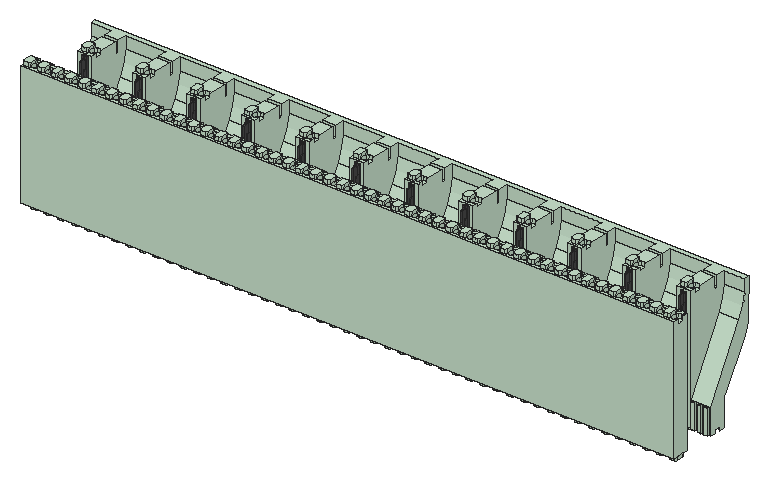
Revit family
Reference planes
  plane 1 "Center (Front/Back)": y = 0
  plane 2: z = 0
  plane 3 "Center (Left/Right)": x = 0
Forms (mm)
  Extrusion 1, solid, material "NUDURA Expanded Polystyrene Foam Insulation"
    sketch origin (0, 0.24, 0) x (1, 0, 0) y (0, 1, 0)
      loop
        line (7.142, -57.15) -> (0, -57.15) -> (0, -117.475) -> (2438.4, -117.475) -> (2438.4, -57.15) -> (2431.258, -57.15) -> (2432.842, -50.8) -> (2418.558, -50.8) -> (2420.142, -57.15) -> (2405.858, -57.15) -> (2407.442, -50.8) -> (2393.158, -50.8) -> (2394.742, -57.15) -> (2380.458, -57.15) -> (2382.042, -50.8) -> (2367.758, -50.8) -> (2369.342, -57.15) -> (2304.258, -57.15) -> (2305.842, -50.8) -> (2291.558, -50.8) -> (2293.142, -57.15) -> (2278.858, -57.15) -> (2280.442, -50.8) -> (2266.158, -50.8) -> (2267.742, -57.15) -> (2253.458, -57.15) -> (2255.042, -50.8) -> (2240.758, -50.8) -> (2242.342, -57.15) -> (2228.058, -57.15) -> (2229.642, -50.8) -> (2215.358, -50.8) -> (2216.942, -57.15) -> (2202.658, -57.15) -> (2204.242, -50.8) -> (2189.958, -50.8) -> (2191.542, -57.15) -> (2177.258, -57.15) -> (2178.842, -50.8) -> (2164.558, -50.8) -> (2166.142, -57.15) -> (2101.058, -57.15) -> (2102.642, -50.8) -> (2088.358, -50.8) -> (2089.942, -57.15) -> (2075.658, -57.15) -> (2077.242, -50.8) -> (2062.958, -50.8) -> (2064.542, -57.15) -> (2050.258, -57.15) -> (2051.842, -50.8) -> (2037.558, -50.8) -> (2039.142, -57.15) -> (2024.858, -57.15) -> (2026.442, -50.8) -> (2012.158, -50.8) -> (2013.742, -57.15) -> (1999.458, -57.15) -> (2001.042, -50.8) -> (1986.758, -50.8) -> (1988.342, -57.15) -> (1974.058, -57.15) -> (1975.642, -50.8) -> (1961.358, -50.8) -> (1962.942, -57.15) -> (1897.858, -57.15) -> (1899.442, -50.8) -> (1885.158, -50.8) -> (1886.742, -57.15) -> (1872.458, -57.15) -> (1874.042, -50.8) -> (1859.758, -50.8) -> (1861.342, -57.15) -> (1847.058, -57.15) -> (1848.642, -50.8) -> (1834.358, -50.8) -> (1835.942, -57.15) -> (1821.658, -57.15) -> (1823.242, -50.8) -> (1808.958, -50.8) -> (1810.542, -57.15) -> (1796.258, -57.15) -> (1797.842, -50.8) -> (1783.558, -50.8) -> (1785.142, -57.15) -> (1770.858, -57.15) -> (1772.442, -50.8) -> (1758.158, -50.8) -> (1759.742, -57.15) -> (1694.658, -57.15) -> (1696.242, -50.8) -> (1681.958, -50.8) -> (1683.542, -57.15) -> (1669.258, -57.15) -> (1670.842, -50.8) -> (1656.558, -50.8) -> (1658.142, -57.15) -> (1643.858, -57.15) -> (1645.442, -50.8) -> (1631.158, -50.8) -> (1632.742, -57.15) -> (1618.458, -57.15) -> (1620.042, -50.8) -> (1605.758, -50.8) -> (1607.342, -57.15) -> (1593.058, -57.15) -> (1594.642, -50.8) -> (1580.358, -50.8) -> (1581.942, -57.15) -> (1567.658, -57.15) -> (1569.242, -50.8) -> (1554.958, -50.8) -> (1556.542, -57.15) -> (1491.458, -57.15) -> (1493.042, -50.8) -> (1478.758, -50.8) -> (1480.342, -57.15) -> (1466.058, -57.15) -> (1467.642, -50.8) -> (1453.358, -50.8) -> (1454.942, -57.15) -> (1440.658, -57.15) -> (1442.242, -50.8) -> (1427.958, -50.8) -> (1429.542, -57.15) -> (1415.258, -57.15) -> (1416.842, -50.8) -> (1402.558, -50.8) -> (1404.142, -57.15) -> (1389.858, -57.15) -> (1391.442, -50.8) -> (1377.158, -50.8) -> (1378.742, -57.15) -> (1364.458, -57.15) -> (1366.042, -50.8) -> (1351.758, -50.8) -> (1353.342, -57.15) -> (1288.258, -57.15) -> (1289.842, -50.8) -> (1275.558, -50.8) -> (1277.142, -57.15) -> (1262.858, -57.15) -> (1264.442, -50.8) -> (1250.158, -50.8) -> (1251.742, -57.15) -> (1237.458, -57.15) -> (1239.042, -50.8) -> (1224.758, -50.8) -> (1226.342, -57.15) -> (1212.058, -57.15) -> (1213.642, -50.8) -> (1199.358, -50.8) -> (1200.942, -57.15) -> (1186.658, -57.15) -> (1188.242, -50.8) -> (1173.958, -50.8) -> (1175.542, -57.15) -> (1161.258, -57.15) -> (1162.842, -50.8) -> (1148.558, -50.8) -> (1150.142, -57.15) -> (1085.058, -57.15) -> (1086.642, -50.8) -> (1072.358, -50.8) -> (1073.942, -57.15) -> (1059.658, -57.15) -> (1061.242, -50.8) -> (1046.958, -50.8) -> (1048.542, -57.15) -> (1034.258, -57.15) -> (1035.842, -50.8) -> (1021.558, -50.8) -> (1023.142, -57.15) -> (1008.858, -57.15) -> (1010.442, -50.8) -> (996.158, -50.8) -> (997.742, -57.15) -> (983.458, -57.15) -> (985.042, -50.8) -> (970.758, -50.8) -> (972.342, -57.15) -> (958.058, -57.15) -> (959.642, -50.8) -> (945.358, -50.8) -> (946.942, -57.15) -> (881.858, -57.15) -> (883.442, -50.8) -> (869.158, -50.8) -> (870.742, -57.15) -> (856.458, -57.15) -> (858.042, -50.8) -> (843.758, -50.8) -> (845.342, -57.15) -> (831.058, -57.15) -> (832.642, -50.8) -> (818.358, -50.8) -> (819.942, -57.15) -> (805.658, -57.15) -> (807.242, -50.8) -> (792.958, -50.8) -> (794.542, -57.15) -> (780.258, -57.15) -> (781.842, -50.8) -> (767.558, -50.8) -> (769.142, -57.15) -> (754.858, -57.15) -> (756.442, -50.8) -> (742.158, -50.8) -> (743.742, -57.15) -> (678.658, -57.15) -> (680.242, -50.8) -> (665.958, -50.8) -> (667.542, -57.15) -> (653.258, -57.15) -> (654.842, -50.8) -> (640.558, -50.8) -> (642.142, -57.15) -> (627.858, -57.15) -> (629.442, -50.8) -> (615.158, -50.8) -> (616.742, -57.15) -> (602.458, -57.15) -> (604.042, -50.8) -> (589.758, -50.8) -> (591.342, -57.15) -> (577.058, -57.15) -> (578.642, -50.8) -> (564.358, -50.8) -> (565.942, -57.15) -> (551.658, -57.15) -> (553.242, -50.8) -> (538.958, -50.8) -> (540.542, -57.15) -> (475.458, -57.15) -> (477.042, -50.8) -> (462.758, -50.8) -> (464.342, -57.15) -> (450.058, -57.15) -> (451.642, -50.8) -> (437.358, -50.8) -> (438.942, -57.15) -> (424.658, -57.15) -> (426.242, -50.8) -> (411.958, -50.8) -> (413.542, -57.15) -> (399.258, -57.15) -> (400.842, -50.8) -> (386.558, -50.8) -> (388.142, -57.15) -> (373.858, -57.15) -> (375.442, -50.8) -> (361.158, -50.8) -> (362.742, -57.15) -> (348.458, -57.15) -> (350.042, -50.8) -> (335.758, -50.8) -> (337.342, -57.15) -> (272.258, -57.15) -> (273.842, -50.8) -> (259.558, -50.8) -> (261.142, -57.15) -> (246.858, -57.15) -> (248.442, -50.8) -> (234.158, -50.8) -> (235.742, -57.15) -> (221.458, -57.15) -> (223.042, -50.8) -> (208.758, -50.8) -> (210.342, -57.15) -> (196.058, -57.15) -> (197.642, -50.8) -> (183.358, -50.8) -> (184.942, -57.15) -> (170.658, -57.15) -> (172.242, -50.8) -> (157.958, -50.8) -> (159.542, -57.15) -> (145.258, -57.15) -> (146.842, -50.8) -> (132.558, -50.8) -> (134.142, -57.15) -> (69.058, -57.15) -> (70.642, -50.8) -> (56.358, -50.8) -> (57.942, -57.15) -> (43.658, -57.15) -> (45.242, -50.8) -> (30.958, -50.8) -> (32.542, -57.15) -> (18.258, -57.15) -> (19.842, -50.8) -> (5.558, -50.8) -> (7.142, -57.15)
    from 0 to 457.2
  Extrusion 2, void
    sketch origin (0, 25.64, 0) x (1, 0, 0) y (0, 1, 0)
      loop
        arc (25.4, -124.411) -> (26.615, -128.147) -> (29.796, -130.453) r 6.35
        arc (29.796, -130.453) -> (38.1, -131.763) -> (46.404, -130.453) r 26.987
        arc (46.404, -130.453) -> (49.585, -128.147) -> (50.8, -124.411) r 6.35
        line (50.8, -124.411) -> (50.8, -101.014)
        arc (50.8, -101.014) -> (50.362, -98.696) -> (49.108, -96.698) r 6.35
        arc (49.108, -96.698) -> (48.795, -96.199) -> (48.685, -95.62) r 1.588
        line (48.685, -95.62) -> (48.685, -86.829) -> (44.346, -86.829) -> (44.346, -92.457)
        arc (44.346, -92.457) -> (43.786, -93.668) -> (42.5, -94.024) r 1.587
        arc (42.5, -94.024) -> (36.091, -93.737) -> (29.796, -94.972) r 26.988
        arc (29.796, -94.972) -> (26.615, -97.278) -> (25.4, -101.014) r 6.35
        line (25.4, -101.014) -> (25.4, -124.411)
    from 457.2 to 444.5
  Extrusion 3, void
    sketch origin (50.8, 25.64, 0) x (1, 0, 0) y (0, 1, 0)
      loop
        arc (25.4, -124.411) -> (26.615, -128.147) -> (29.796, -130.453) r 6.35
        arc (29.796, -130.453) -> (38.1, -131.763) -> (46.404, -130.453) r 26.987
        arc (46.404, -130.453) -> (49.585, -128.147) -> (50.8, -124.411) r 6.35
        line (50.8, -124.411) -> (50.8, -101.014)
        arc (50.8, -101.014) -> (50.362, -98.696) -> (49.108, -96.698) r 6.35
        arc (49.108, -96.698) -> (48.795, -96.199) -> (48.685, -95.62) r 1.588
        line (48.685, -95.62) -> (48.685, -86.829) -> (44.346, -86.829) -> (44.346, -92.457)
        arc (44.346, -92.457) -> (43.786, -93.668) -> (42.5, -94.024) r 1.587
        arc (42.5, -94.024) -> (36.091, -93.737) -> (29.796, -94.972) r 26.988
        arc (29.796, -94.972) -> (26.615, -97.278) -> (25.4, -101.014) r 6.35
        line (25.4, -101.014) -> (25.4, -124.411)
    from 457.2 to 444.5
  Extrusion 4, void
    sketch origin (101.6, 25.64, 0) x (1, 0, 0) y (0, 1, 0)
      loop
        arc (25.4, -124.411) -> (26.615, -128.147) -> (29.796, -130.453) r 6.35
        arc (29.796, -130.453) -> (38.1, -131.763) -> (46.404, -130.453) r 26.987
        arc (46.404, -130.453) -> (49.585, -128.147) -> (50.8, -124.411) r 6.35
        line (50.8, -124.411) -> (50.8, -101.014)
        arc (50.8, -101.014) -> (50.362, -98.696) -> (49.108, -96.698) r 6.35
        arc (49.108, -96.698) -> (48.795, -96.199) -> (48.685, -95.62) r 1.588
        line (48.685, -95.62) -> (48.685, -86.829) -> (44.346, -86.829) -> (44.346, -92.457)
        arc (44.346, -92.457) -> (43.786, -93.668) -> (42.5, -94.024) r 1.587
        arc (42.5, -94.024) -> (36.091, -93.737) -> (29.796, -94.972) r 26.988
        arc (29.796, -94.972) -> (26.615, -97.278) -> (25.4, -101.014) r 6.35
        line (25.4, -101.014) -> (25.4, -124.411)
    from 457.2 to 444.5
  Extrusion 5, void
    sketch origin (152.4, 25.64, 0) x (1, 0, 0) y (0, 1, 0)
      loop
        arc (25.4, -124.411) -> (26.615, -128.147) -> (29.796, -130.453) r 6.35
        arc (29.796, -130.453) -> (38.1, -131.763) -> (46.404, -130.453) r 26.987
        arc (46.404, -130.453) -> (49.585, -128.147) -> (50.8, -124.411) r 6.35
        line (50.8, -124.411) -> (50.8, -101.014)
        arc (50.8, -101.014) -> (50.362, -98.696) -> (49.108, -96.698) r 6.35
        arc (49.108, -96.698) -> (48.795, -96.199) -> (48.685, -95.62) r 1.588
        line (48.685, -95.62) -> (48.685, -86.829) -> (44.346, -86.829) -> (44.346, -92.457)
        arc (44.346, -92.457) -> (43.786, -93.668) -> (42.5, -94.024) r 1.587
        arc (42.5, -94.024) -> (36.091, -93.737) -> (29.796, -94.972) r 26.988
        arc (29.796, -94.972) -> (26.615, -97.278) -> (25.4, -101.014) r 6.35
        line (25.4, -101.014) -> (25.4, -124.411)
    from 457.2 to 444.5
  Extrusion 6, void
    sketch origin (203.2, 25.64, 0) x (1, 0, 0) y (0, 1, 0)
      loop
        arc (25.4, -124.411) -> (26.615, -128.147) -> (29.796, -130.453) r 6.35
        arc (29.796, -130.453) -> (38.1, -131.763) -> (46.404, -130.453) r 26.987
        arc (46.404, -130.453) -> (49.585, -128.147) -> (50.8, -124.411) r 6.35
        line (50.8, -124.411) -> (50.8, -101.014)
        arc (50.8, -101.014) -> (50.362, -98.696) -> (49.108, -96.698) r 6.35
        arc (49.108, -96.698) -> (48.795, -96.199) -> (48.685, -95.62) r 1.588
        line (48.685, -95.62) -> (48.685, -86.829) -> (44.346, -86.829) -> (44.346, -92.457)
        arc (44.346, -92.457) -> (43.786, -93.668) -> (42.5, -94.024) r 1.587
        arc (42.5, -94.024) -> (36.091, -93.737) -> (29.796, -94.972) r 26.988
        arc (29.796, -94.972) -> (26.615, -97.278) -> (25.4, -101.014) r 6.35
        line (25.4, -101.014) -> (25.4, -124.411)
    from 457.2 to 444.5
  Extrusion 7, void
    sketch origin (254, 25.64, 0) x (1, 0, 0) y (0, 1, 0)
      loop
        arc (25.4, -124.411) -> (26.615, -128.147) -> (29.796, -130.453) r 6.35
        arc (29.796, -130.453) -> (38.1, -131.763) -> (46.404, -130.453) r 26.987
        arc (46.404, -130.453) -> (49.585, -128.147) -> (50.8, -124.411) r 6.35
        line (50.8, -124.411) -> (50.8, -101.014)
        arc (50.8, -101.014) -> (50.362, -98.696) -> (49.108, -96.698) r 6.35
        arc (49.108, -96.698) -> (48.795, -96.199) -> (48.685, -95.62) r 1.588
        line (48.685, -95.62) -> (48.685, -86.829) -> (44.346, -86.829) -> (44.346, -92.457)
        arc (44.346, -92.457) -> (43.786, -93.668) -> (42.5, -94.024) r 1.587
        arc (42.5, -94.024) -> (36.091, -93.737) -> (29.796, -94.972) r 26.988
        arc (29.796, -94.972) -> (26.615, -97.278) -> (25.4, -101.014) r 6.35
        line (25.4, -101.014) -> (25.4, -124.411)
    from 457.2 to 444.5
  Extrusion 8, void
    sketch origin (304.8, 25.64, 0) x (1, 0, 0) y (0, 1, 0)
      loop
        arc (25.4, -124.411) -> (26.615, -128.147) -> (29.796, -130.453) r 6.35
        arc (29.796, -130.453) -> (38.1, -131.763) -> (46.404, -130.453) r 26.987
        arc (46.404, -130.453) -> (49.585, -128.147) -> (50.8, -124.411) r 6.35
        line (50.8, -124.411) -> (50.8, -101.014)
        arc (50.8, -101.014) -> (50.362, -98.696) -> (49.108, -96.698) r 6.35
        arc (49.108, -96.698) -> (48.795, -96.199) -> (48.685, -95.62) r 1.588
        line (48.685, -95.62) -> (48.685, -86.829) -> (44.346, -86.829) -> (44.346, -92.457)
        arc (44.346, -92.457) -> (43.786, -93.668) -> (42.5, -94.024) r 1.587
        arc (42.5, -94.024) -> (36.091, -93.737) -> (29.796, -94.972) r 26.988
        arc (29.796, -94.972) -> (26.615, -97.278) -> (25.4, -101.014) r 6.35
        line (25.4, -101.014) -> (25.4, -124.411)
    from 457.2 to 444.5
  Extrusion 9, void
    sketch origin (355.6, 25.64, 0) x (1, 0, 0) y (0, 1, 0)
      loop
        arc (25.4, -124.411) -> (26.615, -128.147) -> (29.796, -130.453) r 6.35
        arc (29.796, -130.453) -> (38.1, -131.763) -> (46.404, -130.453) r 26.987
        arc (46.404, -130.453) -> (49.585, -128.147) -> (50.8, -124.411) r 6.35
        line (50.8, -124.411) -> (50.8, -101.014)
        arc (50.8, -101.014) -> (50.362, -98.696) -> (49.108, -96.698) r 6.35
        arc (49.108, -96.698) -> (48.795, -96.199) -> (48.685, -95.62) r 1.588
        line (48.685, -95.62) -> (48.685, -86.829) -> (44.346, -86.829) -> (44.346, -92.457)
        arc (44.346, -92.457) -> (43.786, -93.668) -> (42.5, -94.024) r 1.587
        arc (42.5, -94.024) -> (36.091, -93.737) -> (29.796, -94.972) r 26.988
        arc (29.796, -94.972) -> (26.615, -97.278) -> (25.4, -101.014) r 6.35
        line (25.4, -101.014) -> (25.4, -124.411)
    from 457.2 to 444.5
  Extrusion 10, void
    sketch origin (406.4, 25.64, 0) x (1, 0, 0) y (0, 1, 0)
      loop
        arc (25.4, -124.411) -> (26.615, -128.147) -> (29.796, -130.453) r 6.35
        arc (29.796, -130.453) -> (38.1, -131.763) -> (46.404, -130.453) r 26.987
        arc (46.404, -130.453) -> (49.585, -128.147) -> (50.8, -124.411) r 6.35
        line (50.8, -124.411) -> (50.8, -101.014)
        arc (50.8, -101.014) -> (50.362, -98.696) -> (49.108, -96.698) r 6.35
        arc (49.108, -96.698) -> (48.795, -96.199) -> (48.685, -95.62) r 1.588
        line (48.685, -95.62) -> (48.685, -86.829) -> (44.346, -86.829) -> (44.346, -92.457)
        arc (44.346, -92.457) -> (43.786, -93.668) -> (42.5, -94.024) r 1.587
        arc (42.5, -94.024) -> (36.091, -93.737) -> (29.796, -94.972) r 26.988
        arc (29.796, -94.972) -> (26.615, -97.278) -> (25.4, -101.014) r 6.35
        line (25.4, -101.014) -> (25.4, -124.411)
    from 457.2 to 444.5
  Extrusion 11, void
    sketch origin (457.2, 25.64, 0) x (1, 0, 0) y (0, 1, 0)
      loop
        arc (25.4, -124.411) -> (26.615, -128.147) -> (29.796, -130.453) r 6.35
        arc (29.796, -130.453) -> (38.1, -131.763) -> (46.404, -130.453) r 26.987
        arc (46.404, -130.453) -> (49.585, -128.147) -> (50.8, -124.411) r 6.35
        line (50.8, -124.411) -> (50.8, -101.014)
        arc (50.8, -101.014) -> (50.362, -98.696) -> (49.108, -96.698) r 6.35
        arc (49.108, -96.698) -> (48.795, -96.199) -> (48.685, -95.62) r 1.588
        line (48.685, -95.62) -> (48.685, -86.829) -> (44.346, -86.829) -> (44.346, -92.457)
        arc (44.346, -92.457) -> (43.786, -93.668) -> (42.5, -94.024) r 1.587
        arc (42.5, -94.024) -> (36.091, -93.737) -> (29.796, -94.972) r 26.988
        arc (29.796, -94.972) -> (26.615, -97.278) -> (25.4, -101.014) r 6.35
        line (25.4, -101.014) -> (25.4, -124.411)
    from 457.2 to 444.5
  Extrusion 12, void
    sketch origin (508, 25.64, 0) x (1, 0, 0) y (0, 1, 0)
      loop
        arc (25.4, -124.411) -> (26.615, -128.147) -> (29.796, -130.453) r 6.35
        arc (29.796, -130.453) -> (38.1, -131.763) -> (46.404, -130.453) r 26.987
        arc (46.404, -130.453) -> (49.585, -128.147) -> (50.8, -124.411) r 6.35
        line (50.8, -124.411) -> (50.8, -101.014)
        arc (50.8, -101.014) -> (50.362, -98.696) -> (49.108, -96.698) r 6.35
        arc (49.108, -96.698) -> (48.795, -96.199) -> (48.685, -95.62) r 1.588
        line (48.685, -95.62) -> (48.685, -86.829) -> (44.346, -86.829) -> (44.346, -92.457)
        arc (44.346, -92.457) -> (43.786, -93.668) -> (42.5, -94.024) r 1.587
        arc (42.5, -94.024) -> (36.091, -93.737) -> (29.796, -94.972) r 26.988
        arc (29.796, -94.972) -> (26.615, -97.278) -> (25.4, -101.014) r 6.35
        line (25.4, -101.014) -> (25.4, -124.411)
    from 457.2 to 444.5
  Extrusion 13, void
    sketch origin (558.8, 25.64, 0) x (1, 0, 0) y (0, 1, 0)
      loop
        arc (25.4, -124.411) -> (26.615, -128.147) -> (29.796, -130.453) r 6.35
        arc (29.796, -130.453) -> (38.1, -131.763) -> (46.404, -130.453) r 26.987
        arc (46.404, -130.453) -> (49.585, -128.147) -> (50.8, -124.411) r 6.35
        line (50.8, -124.411) -> (50.8, -101.014)
        arc (50.8, -101.014) -> (50.362, -98.696) -> (49.108, -96.698) r 6.35
        arc (49.108, -96.698) -> (48.795, -96.199) -> (48.685, -95.62) r 1.588
        line (48.685, -95.62) -> (48.685, -86.829) -> (44.346, -86.829) -> (44.346, -92.457)
        arc (44.346, -92.457) -> (43.786, -93.668) -> (42.5, -94.024) r 1.587
        arc (42.5, -94.024) -> (36.091, -93.737) -> (29.796, -94.972) r 26.988
        arc (29.796, -94.972) -> (26.615, -97.278) -> (25.4, -101.014) r 6.35
        line (25.4, -101.014) -> (25.4, -124.411)
    from 457.2 to 444.5
  Extrusion 14, void
    sketch origin (609.6, 25.64, 0) x (1, 0, 0) y (0, 1, 0)
      loop
        arc (25.4, -124.411) -> (26.615, -128.147) -> (29.796, -130.453) r 6.35
        arc (29.796, -130.453) -> (38.1, -131.763) -> (46.404, -130.453) r 26.987
        arc (46.404, -130.453) -> (49.585, -128.147) -> (50.8, -124.411) r 6.35
        line (50.8, -124.411) -> (50.8, -101.014)
        arc (50.8, -101.014) -> (50.362, -98.696) -> (49.108, -96.698) r 6.35
        arc (49.108, -96.698) -> (48.795, -96.199) -> (48.685, -95.62) r 1.588
        line (48.685, -95.62) -> (48.685, -86.829) -> (44.346, -86.829) -> (44.346, -92.457)
        arc (44.346, -92.457) -> (43.786, -93.668) -> (42.5, -94.024) r 1.587
        arc (42.5, -94.024) -> (36.091, -93.737) -> (29.796, -94.972) r 26.988
        arc (29.796, -94.972) -> (26.615, -97.278) -> (25.4, -101.014) r 6.35
        line (25.4, -101.014) -> (25.4, -124.411)
    from 457.2 to 444.5
  Extrusion 15, void
    sketch origin (660.4, 25.64, 0) x (1, 0, 0) y (0, 1, 0)
      loop
        arc (25.4, -124.411) -> (26.615, -128.147) -> (29.796, -130.453) r 6.35
        arc (29.796, -130.453) -> (38.1, -131.763) -> (46.404, -130.453) r 26.987
        arc (46.404, -130.453) -> (49.585, -128.147) -> (50.8, -124.411) r 6.35
        line (50.8, -124.411) -> (50.8, -101.014)
        arc (50.8, -101.014) -> (50.362, -98.696) -> (49.108, -96.698) r 6.35
        arc (49.108, -96.698) -> (48.795, -96.199) -> (48.685, -95.62) r 1.588
        line (48.685, -95.62) -> (48.685, -86.829) -> (44.346, -86.829) -> (44.346, -92.457)
        arc (44.346, -92.457) -> (43.786, -93.668) -> (42.5, -94.024) r 1.587
        arc (42.5, -94.024) -> (36.091, -93.737) -> (29.796, -94.972) r 26.988
        arc (29.796, -94.972) -> (26.615, -97.278) -> (25.4, -101.014) r 6.35
        line (25.4, -101.014) -> (25.4, -124.411)
    from 457.2 to 444.5
  Extrusion 16, void
    sketch origin (711.2, 25.64, 0) x (1, 0, 0) y (0, 1, 0)
      loop
        arc (25.4, -124.411) -> (26.615, -128.147) -> (29.796, -130.453) r 6.35
        arc (29.796, -130.453) -> (38.1, -131.763) -> (46.404, -130.453) r 26.987
        arc (46.404, -130.453) -> (49.585, -128.147) -> (50.8, -124.411) r 6.35
        line (50.8, -124.411) -> (50.8, -101.014)
        arc (50.8, -101.014) -> (50.362, -98.696) -> (49.108, -96.698) r 6.35
        arc (49.108, -96.698) -> (48.795, -96.199) -> (48.685, -95.62) r 1.588
        line (48.685, -95.62) -> (48.685, -86.829) -> (44.346, -86.829) -> (44.346, -92.457)
        arc (44.346, -92.457) -> (43.786, -93.668) -> (42.5, -94.024) r 1.587
        arc (42.5, -94.024) -> (36.091, -93.737) -> (29.796, -94.972) r 26.988
        arc (29.796, -94.972) -> (26.615, -97.278) -> (25.4, -101.014) r 6.35
        line (25.4, -101.014) -> (25.4, -124.411)
    from 457.2 to 444.5
  Extrusion 17, void
    sketch origin (762, 25.64, 0) x (1, 0, 0) y (0, 1, 0)
      loop
        arc (25.4, -124.411) -> (26.615, -128.147) -> (29.796, -130.453) r 6.35
        arc (29.796, -130.453) -> (38.1, -131.763) -> (46.404, -130.453) r 26.987
        arc (46.404, -130.453) -> (49.585, -128.147) -> (50.8, -124.411) r 6.35
        line (50.8, -124.411) -> (50.8, -101.014)
        arc (50.8, -101.014) -> (50.362, -98.696) -> (49.108, -96.698) r 6.35
        arc (49.108, -96.698) -> (48.795, -96.199) -> (48.685, -95.62) r 1.588
        line (48.685, -95.62) -> (48.685, -86.829) -> (44.346, -86.829) -> (44.346, -92.457)
        arc (44.346, -92.457) -> (43.786, -93.668) -> (42.5, -94.024) r 1.587
        arc (42.5, -94.024) -> (36.091, -93.737) -> (29.796, -94.972) r 26.988
        arc (29.796, -94.972) -> (26.615, -97.278) -> (25.4, -101.014) r 6.35
        line (25.4, -101.014) -> (25.4, -124.411)
    from 457.2 to 444.5
  Extrusion 18, void
    sketch origin (812.8, 25.64, 0) x (1, 0, 0) y (0, 1, 0)
      loop
        arc (25.4, -124.411) -> (26.615, -128.147) -> (29.796, -130.453) r 6.35
        arc (29.796, -130.453) -> (38.1, -131.763) -> (46.404, -130.453) r 26.987
        arc (46.404, -130.453) -> (49.585, -128.147) -> (50.8, -124.411) r 6.35
        line (50.8, -124.411) -> (50.8, -101.014)
        arc (50.8, -101.014) -> (50.362, -98.696) -> (49.108, -96.698) r 6.35
        arc (49.108, -96.698) -> (48.795, -96.199) -> (48.685, -95.62) r 1.588
        line (48.685, -95.62) -> (48.685, -86.829) -> (44.346, -86.829) -> (44.346, -92.457)
        arc (44.346, -92.457) -> (43.786, -93.668) -> (42.5, -94.024) r 1.587
        arc (42.5, -94.024) -> (36.091, -93.737) -> (29.796, -94.972) r 26.988
        arc (29.796, -94.972) -> (26.615, -97.278) -> (25.4, -101.014) r 6.35
        line (25.4, -101.014) -> (25.4, -124.411)
    from 457.2 to 444.5
  Extrusion 19, void
    sketch origin (863.6, 25.64, 0) x (1, 0, 0) y (0, 1, 0)
      loop
        arc (25.4, -124.411) -> (26.615, -128.147) -> (29.796, -130.453) r 6.35
        arc (29.796, -130.453) -> (38.1, -131.763) -> (46.404, -130.453) r 26.987
        arc (46.404, -130.453) -> (49.585, -128.147) -> (50.8, -124.411) r 6.35
        line (50.8, -124.411) -> (50.8, -101.014)
        arc (50.8, -101.014) -> (50.362, -98.696) -> (49.108, -96.698) r 6.35
        arc (49.108, -96.698) -> (48.795, -96.199) -> (48.685, -95.62) r 1.588
        line (48.685, -95.62) -> (48.685, -86.829) -> (44.346, -86.829) -> (44.346, -92.457)
        arc (44.346, -92.457) -> (43.786, -93.668) -> (42.5, -94.024) r 1.587
        arc (42.5, -94.024) -> (36.091, -93.737) -> (29.796, -94.972) r 26.988
        arc (29.796, -94.972) -> (26.615, -97.278) -> (25.4, -101.014) r 6.35
        line (25.4, -101.014) -> (25.4, -124.411)
    from 457.2 to 444.5
  Extrusion 20, void
    sketch origin (914.4, 25.64, 0) x (1, 0, 0) y (0, 1, 0)
      loop
        arc (25.4, -124.411) -> (26.615, -128.147) -> (29.796, -130.453) r 6.35
        arc (29.796, -130.453) -> (38.1, -131.763) -> (46.404, -130.453) r 26.987
        arc (46.404, -130.453) -> (49.585, -128.147) -> (50.8, -124.411) r 6.35
        line (50.8, -124.411) -> (50.8, -101.014)
        arc (50.8, -101.014) -> (50.362, -98.696) -> (49.108, -96.698) r 6.35
        arc (49.108, -96.698) -> (48.795, -96.199) -> (48.685, -95.62) r 1.588
        line (48.685, -95.62) -> (48.685, -86.829) -> (44.346, -86.829) -> (44.346, -92.457)
        arc (44.346, -92.457) -> (43.786, -93.668) -> (42.5, -94.024) r 1.587
        arc (42.5, -94.024) -> (36.091, -93.737) -> (29.796, -94.972) r 26.988
        arc (29.796, -94.972) -> (26.615, -97.278) -> (25.4, -101.014) r 6.35
        line (25.4, -101.014) -> (25.4, -124.411)
    from 457.2 to 444.5
  Extrusion 21, void
    sketch origin (965.2, 25.64, 0) x (1, 0, 0) y (0, 1, 0)
      loop
        arc (25.4, -124.411) -> (26.615, -128.147) -> (29.796, -130.453) r 6.35
        arc (29.796, -130.453) -> (38.1, -131.763) -> (46.404, -130.453) r 26.987
        arc (46.404, -130.453) -> (49.585, -128.147) -> (50.8, -124.411) r 6.35
        line (50.8, -124.411) -> (50.8, -101.014)
        arc (50.8, -101.014) -> (50.362, -98.696) -> (49.108, -96.698) r 6.35
        arc (49.108, -96.698) -> (48.795, -96.199) -> (48.685, -95.62) r 1.588
        line (48.685, -95.62) -> (48.685, -86.829) -> (44.346, -86.829) -> (44.346, -92.457)
        arc (44.346, -92.457) -> (43.786, -93.668) -> (42.5, -94.024) r 1.587
        arc (42.5, -94.024) -> (36.091, -93.737) -> (29.796, -94.972) r 26.988
        arc (29.796, -94.972) -> (26.615, -97.278) -> (25.4, -101.014) r 6.35
        line (25.4, -101.014) -> (25.4, -124.411)
    from 457.2 to 444.5
  Extrusion 22, void
    sketch origin (1016, 25.64, 0) x (1, 0, 0) y (0, 1, 0)
      loop
        arc (25.4, -124.411) -> (26.615, -128.147) -> (29.796, -130.453) r 6.35
        arc (29.796, -130.453) -> (38.1, -131.763) -> (46.404, -130.453) r 26.987
        arc (46.404, -130.453) -> (49.585, -128.147) -> (50.8, -124.411) r 6.35
        line (50.8, -124.411) -> (50.8, -101.014)
        arc (50.8, -101.014) -> (50.362, -98.696) -> (49.108, -96.698) r 6.35
        arc (49.108, -96.698) -> (48.795, -96.199) -> (48.685, -95.62) r 1.588
        line (48.685, -95.62) -> (48.685, -86.829) -> (44.346, -86.829) -> (44.346, -92.457)
        arc (44.346, -92.457) -> (43.786, -93.668) -> (42.5, -94.024) r 1.587
        arc (42.5, -94.024) -> (36.091, -93.737) -> (29.796, -94.972) r 26.988
        arc (29.796, -94.972) -> (26.615, -97.278) -> (25.4, -101.014) r 6.35
        line (25.4, -101.014) -> (25.4, -124.411)
    from 457.2 to 444.5
  Extrusion 23, void
    sketch origin (1066.8, 25.64, 0) x (1, 0, 0) y (0, 1, 0)
      loop
        arc (25.4, -124.411) -> (26.615, -128.147) -> (29.796, -130.453) r 6.35
        arc (29.796, -130.453) -> (38.1, -131.763) -> (46.404, -130.453) r 26.987
        arc (46.404, -130.453) -> (49.585, -128.147) -> (50.8, -124.411) r 6.35
        line (50.8, -124.411) -> (50.8, -101.014)
        arc (50.8, -101.014) -> (50.362, -98.696) -> (49.108, -96.698) r 6.35
        arc (49.108, -96.698) -> (48.795, -96.199) -> (48.685, -95.62) r 1.588
        line (48.685, -95.62) -> (48.685, -86.829) -> (44.346, -86.829) -> (44.346, -92.457)
        arc (44.346, -92.457) -> (43.786, -93.668) -> (42.5, -94.024) r 1.587
        arc (42.5, -94.024) -> (36.091, -93.737) -> (29.796, -94.972) r 26.988
        arc (29.796, -94.972) -> (26.615, -97.278) -> (25.4, -101.014) r 6.35
        line (25.4, -101.014) -> (25.4, -124.411)
    from 457.2 to 444.5
  Extrusion 24, void
    sketch origin (1117.6, 25.64, 0) x (1, 0, 0) y (0, 1, 0)
      loop
        arc (25.4, -124.411) -> (26.615, -128.147) -> (29.796, -130.453) r 6.35
        arc (29.796, -130.453) -> (38.1, -131.763) -> (46.404, -130.453) r 26.987
        arc (46.404, -130.453) -> (49.585, -128.147) -> (50.8, -124.411) r 6.35
        line (50.8, -124.411) -> (50.8, -101.014)
        arc (50.8, -101.014) -> (50.362, -98.696) -> (49.108, -96.698) r 6.35
        arc (49.108, -96.698) -> (48.795, -96.199) -> (48.685, -95.62) r 1.588
        line (48.685, -95.62) -> (48.685, -86.829) -> (44.346, -86.829) -> (44.346, -92.457)
        arc (44.346, -92.457) -> (43.786, -93.668) -> (42.5, -94.024) r 1.587
        arc (42.5, -94.024) -> (36.091, -93.737) -> (29.796, -94.972) r 26.988
        arc (29.796, -94.972) -> (26.615, -97.278) -> (25.4, -101.014) r 6.35
        line (25.4, -101.014) -> (25.4, -124.411)
    from 457.2 to 444.5
  Extrusion 25, void
    sketch origin (1168.4, 25.64, 0) x (1, 0, 0) y (0, 1, 0)
      loop
        arc (25.4, -124.411) -> (26.615, -128.147) -> (29.796, -130.453) r 6.35
        arc (29.796, -130.453) -> (38.1, -131.763) -> (46.404, -130.453) r 26.987
        arc (46.404, -130.453) -> (49.585, -128.147) -> (50.8, -124.411) r 6.35
        line (50.8, -124.411) -> (50.8, -101.014)
        arc (50.8, -101.014) -> (50.362, -98.696) -> (49.108, -96.698) r 6.35
        arc (49.108, -96.698) -> (48.795, -96.199) -> (48.685, -95.62) r 1.588
        line (48.685, -95.62) -> (48.685, -86.829) -> (44.346, -86.829) -> (44.346, -92.457)
        arc (44.346, -92.457) -> (43.786, -93.668) -> (42.5, -94.024) r 1.587
        arc (42.5, -94.024) -> (36.091, -93.737) -> (29.796, -94.972) r 26.988
        arc (29.796, -94.972) -> (26.615, -97.278) -> (25.4, -101.014) r 6.35
        line (25.4, -101.014) -> (25.4, -124.411)
    from 457.2 to 444.5
  Extrusion 26, void
    sketch origin (1219.2, 25.64, 0) x (1, 0, 0) y (0, 1, 0)
      loop
        arc (25.4, -124.411) -> (26.615, -128.147) -> (29.796, -130.453) r 6.35
        arc (29.796, -130.453) -> (38.1, -131.763) -> (46.404, -130.453) r 26.987
        arc (46.404, -130.453) -> (49.585, -128.147) -> (50.8, -124.411) r 6.35
        line (50.8, -124.411) -> (50.8, -101.014)
        arc (50.8, -101.014) -> (50.362, -98.696) -> (49.108, -96.698) r 6.35
        arc (49.108, -96.698) -> (48.795, -96.199) -> (48.685, -95.62) r 1.588
        line (48.685, -95.62) -> (48.685, -86.829) -> (44.346, -86.829) -> (44.346, -92.457)
        arc (44.346, -92.457) -> (43.786, -93.668) -> (42.5, -94.024) r 1.587
        arc (42.5, -94.024) -> (36.091, -93.737) -> (29.796, -94.972) r 26.988
        arc (29.796, -94.972) -> (26.615, -97.278) -> (25.4, -101.014) r 6.35
        line (25.4, -101.014) -> (25.4, -124.411)
    from 457.2 to 444.5
  Extrusion 27, void
    sketch origin (1270, 25.64, 0) x (1, 0, 0) y (0, 1, 0)
      loop
        arc (25.4, -124.411) -> (26.615, -128.147) -> (29.796, -130.453) r 6.35
        arc (29.796, -130.453) -> (38.1, -131.763) -> (46.404, -130.453) r 26.987
        arc (46.404, -130.453) -> (49.585, -128.147) -> (50.8, -124.411) r 6.35
        line (50.8, -124.411) -> (50.8, -101.014)
        arc (50.8, -101.014) -> (50.362, -98.696) -> (49.108, -96.698) r 6.35
        arc (49.108, -96.698) -> (48.795, -96.199) -> (48.685, -95.62) r 1.588
        line (48.685, -95.62) -> (48.685, -86.829) -> (44.346, -86.829) -> (44.346, -92.457)
        arc (44.346, -92.457) -> (43.786, -93.668) -> (42.5, -94.024) r 1.587
        arc (42.5, -94.024) -> (36.091, -93.737) -> (29.796, -94.972) r 26.988
        arc (29.796, -94.972) -> (26.615, -97.278) -> (25.4, -101.014) r 6.35
        line (25.4, -101.014) -> (25.4, -124.411)
    from 457.2 to 444.5
  Extrusion 28, void
    sketch origin (1320.8, 25.64, 0) x (1, 0, 0) y (0, 1, 0)
      loop
        arc (25.4, -124.411) -> (26.615, -128.147) -> (29.796, -130.453) r 6.35
        arc (29.796, -130.453) -> (38.1, -131.763) -> (46.404, -130.453) r 26.987
        arc (46.404, -130.453) -> (49.585, -128.147) -> (50.8, -124.411) r 6.35
        line (50.8, -124.411) -> (50.8, -101.014)
        arc (50.8, -101.014) -> (50.362, -98.696) -> (49.108, -96.698) r 6.35
        arc (49.108, -96.698) -> (48.795, -96.199) -> (48.685, -95.62) r 1.588
        line (48.685, -95.62) -> (48.685, -86.829) -> (44.346, -86.829) -> (44.346, -92.457)
        arc (44.346, -92.457) -> (43.786, -93.668) -> (42.5, -94.024) r 1.587
        arc (42.5, -94.024) -> (36.091, -93.737) -> (29.796, -94.972) r 26.988
        arc (29.796, -94.972) -> (26.615, -97.278) -> (25.4, -101.014) r 6.35
        line (25.4, -101.014) -> (25.4, -124.411)
    from 457.2 to 444.5
  Extrusion 29, void
    sketch origin (1371.6, 25.64, 0) x (1, 0, 0) y (0, 1, 0)
      loop
        arc (25.4, -124.411) -> (26.615, -128.147) -> (29.796, -130.453) r 6.35
        arc (29.796, -130.453) -> (38.1, -131.763) -> (46.404, -130.453) r 26.987
        arc (46.404, -130.453) -> (49.585, -128.147) -> (50.8, -124.411) r 6.35
        line (50.8, -124.411) -> (50.8, -101.014)
        arc (50.8, -101.014) -> (50.362, -98.696) -> (49.108, -96.698) r 6.35
        arc (49.108, -96.698) -> (48.795, -96.199) -> (48.685, -95.62) r 1.588
        line (48.685, -95.62) -> (48.685, -86.829) -> (44.346, -86.829) -> (44.346, -92.457)
        arc (44.346, -92.457) -> (43.786, -93.668) -> (42.5, -94.024) r 1.587
        arc (42.5, -94.024) -> (36.091, -93.737) -> (29.796, -94.972) r 26.988
        arc (29.796, -94.972) -> (26.615, -97.278) -> (25.4, -101.014) r 6.35
        line (25.4, -101.014) -> (25.4, -124.411)
    from 457.2 to 444.5
  Extrusion 30, void
    sketch origin (1422.4, 25.64, 0) x (1, 0, 0) y (0, 1, 0)
      loop
        arc (25.4, -124.411) -> (26.615, -128.147) -> (29.796, -130.453) r 6.35
        arc (29.796, -130.453) -> (38.1, -131.763) -> (46.404, -130.453) r 26.987
        arc (46.404, -130.453) -> (49.585, -128.147) -> (50.8, -124.411) r 6.35
        line (50.8, -124.411) -> (50.8, -101.014)
        arc (50.8, -101.014) -> (50.362, -98.696) -> (49.108, -96.698) r 6.35
        arc (49.108, -96.698) -> (48.795, -96.199) -> (48.685, -95.62) r 1.588
        line (48.685, -95.62) -> (48.685, -86.829) -> (44.346, -86.829) -> (44.346, -92.457)
        arc (44.346, -92.457) -> (43.786, -93.668) -> (42.5, -94.024) r 1.587
        arc (42.5, -94.024) -> (36.091, -93.737) -> (29.796, -94.972) r 26.988
        arc (29.796, -94.972) -> (26.615, -97.278) -> (25.4, -101.014) r 6.35
        line (25.4, -101.014) -> (25.4, -124.411)
    from 457.2 to 444.5
  Extrusion 31, void
    sketch origin (1473.2, 25.64, 0) x (1, 0, 0) y (0, 1, 0)
      loop
        arc (25.4, -124.411) -> (26.615, -128.147) -> (29.796, -130.453) r 6.35
        arc (29.796, -130.453) -> (38.1, -131.763) -> (46.404, -130.453) r 26.987
        arc (46.404, -130.453) -> (49.585, -128.147) -> (50.8, -124.411) r 6.35
        line (50.8, -124.411) -> (50.8, -101.014)
        arc (50.8, -101.014) -> (50.362, -98.696) -> (49.108, -96.698) r 6.35
        arc (49.108, -96.698) -> (48.795, -96.199) -> (48.685, -95.62) r 1.588
        line (48.685, -95.62) -> (48.685, -86.829) -> (44.346, -86.829) -> (44.346, -92.457)
        arc (44.346, -92.457) -> (43.786, -93.668) -> (42.5, -94.024) r 1.587
        arc (42.5, -94.024) -> (36.091, -93.737) -> (29.796, -94.972) r 26.988
        arc (29.796, -94.972) -> (26.615, -97.278) -> (25.4, -101.014) r 6.35
        line (25.4, -101.014) -> (25.4, -124.411)
    from 457.2 to 444.5
  Extrusion 32, void
    sketch origin (1524, 25.64, 0) x (1, 0, 0) y (0, 1, 0)
      loop
        arc (25.4, -124.411) -> (26.615, -128.147) -> (29.796, -130.453) r 6.35
        arc (29.796, -130.453) -> (38.1, -131.763) -> (46.404, -130.453) r 26.987
        arc (46.404, -130.453) -> (49.585, -128.147) -> (50.8, -124.411) r 6.35
        line (50.8, -124.411) -> (50.8, -101.014)
        arc (50.8, -101.014) -> (50.362, -98.696) -> (49.108, -96.698) r 6.35
        arc (49.108, -96.698) -> (48.795, -96.199) -> (48.685, -95.62) r 1.588
        line (48.685, -95.62) -> (48.685, -86.829) -> (44.346, -86.829) -> (44.346, -92.457)
        arc (44.346, -92.457) -> (43.786, -93.668) -> (42.5, -94.024) r 1.587
        arc (42.5, -94.024) -> (36.091, -93.737) -> (29.796, -94.972) r 26.988
        arc (29.796, -94.972) -> (26.615, -97.278) -> (25.4, -101.014) r 6.35
        line (25.4, -101.014) -> (25.4, -124.411)
    from 457.2 to 444.5
  Extrusion 33, void
    sketch origin (1574.8, 25.64, 0) x (1, 0, 0) y (0, 1, 0)
      loop
        arc (25.4, -124.411) -> (26.615, -128.147) -> (29.796, -130.453) r 6.35
        arc (29.796, -130.453) -> (38.1, -131.763) -> (46.404, -130.453) r 26.987
        arc (46.404, -130.453) -> (49.585, -128.147) -> (50.8, -124.411) r 6.35
        line (50.8, -124.411) -> (50.8, -101.014)
        arc (50.8, -101.014) -> (50.362, -98.696) -> (49.108, -96.698) r 6.35
        arc (49.108, -96.698) -> (48.795, -96.199) -> (48.685, -95.62) r 1.588
        line (48.685, -95.62) -> (48.685, -86.829) -> (44.346, -86.829) -> (44.346, -92.457)
        arc (44.346, -92.457) -> (43.786, -93.668) -> (42.5, -94.024) r 1.587
        arc (42.5, -94.024) -> (36.091, -93.737) -> (29.796, -94.972) r 26.988
        arc (29.796, -94.972) -> (26.615, -97.278) -> (25.4, -101.014) r 6.35
        line (25.4, -101.014) -> (25.4, -124.411)
    from 457.2 to 444.5
  Extrusion 34, void
    sketch origin (1625.6, 25.64, 0) x (1, 0, 0) y (0, 1, 0)
      loop
        arc (25.4, -124.411) -> (26.615, -128.147) -> (29.796, -130.453) r 6.35
        arc (29.796, -130.453) -> (38.1, -131.763) -> (46.404, -130.453) r 26.987
        arc (46.404, -130.453) -> (49.585, -128.147) -> (50.8, -124.411) r 6.35
        line (50.8, -124.411) -> (50.8, -101.014)
        arc (50.8, -101.014) -> (50.362, -98.696) -> (49.108, -96.698) r 6.35
        arc (49.108, -96.698) -> (48.795, -96.199) -> (48.685, -95.62) r 1.588
        line (48.685, -95.62) -> (48.685, -86.829) -> (44.346, -86.829) -> (44.346, -92.457)
        arc (44.346, -92.457) -> (43.786, -93.668) -> (42.5, -94.024) r 1.587
        arc (42.5, -94.024) -> (36.091, -93.737) -> (29.796, -94.972) r 26.988
        arc (29.796, -94.972) -> (26.615, -97.278) -> (25.4, -101.014) r 6.35
        line (25.4, -101.014) -> (25.4, -124.411)
    from 457.2 to 444.5
  Extrusion 35, void
    sketch origin (1676.4, 25.64, 0) x (1, 0, 0) y (0, 1, 0)
      loop
        arc (25.4, -124.411) -> (26.615, -128.147) -> (29.796, -130.453) r 6.35
        arc (29.796, -130.453) -> (38.1, -131.763) -> (46.404, -130.453) r 26.987
        arc (46.404, -130.453) -> (49.585, -128.147) -> (50.8, -124.411) r 6.35
        line (50.8, -124.411) -> (50.8, -101.014)
        arc (50.8, -101.014) -> (50.362, -98.696) -> (49.108, -96.698) r 6.35
        arc (49.108, -96.698) -> (48.795, -96.199) -> (48.685, -95.62) r 1.588
        line (48.685, -95.62) -> (48.685, -86.829) -> (44.346, -86.829) -> (44.346, -92.457)
        arc (44.346, -92.457) -> (43.786, -93.668) -> (42.5, -94.024) r 1.587
        arc (42.5, -94.024) -> (36.091, -93.737) -> (29.796, -94.972) r 26.988
        arc (29.796, -94.972) -> (26.615, -97.278) -> (25.4, -101.014) r 6.35
        line (25.4, -101.014) -> (25.4, -124.411)
    from 457.2 to 444.5
  Extrusion 36, void
    sketch origin (1727.2, 25.64, 0) x (1, 0, 0) y (0, 1, 0)
      loop
        arc (25.4, -124.411) -> (26.615, -128.147) -> (29.796, -130.453) r 6.35
        arc (29.796, -130.453) -> (38.1, -131.763) -> (46.404, -130.453) r 26.987
        arc (46.404, -130.453) -> (49.585, -128.147) -> (50.8, -124.411) r 6.35
        line (50.8, -124.411) -> (50.8, -101.014)
        arc (50.8, -101.014) -> (50.362, -98.696) -> (49.108, -96.698) r 6.35
        arc (49.108, -96.698) -> (48.795, -96.199) -> (48.685, -95.62) r 1.588
        line (48.685, -95.62) -> (48.685, -86.829) -> (44.346, -86.829) -> (44.346, -92.457)
        arc (44.346, -92.457) -> (43.786, -93.668) -> (42.5, -94.024) r 1.587
        arc (42.5, -94.024) -> (36.091, -93.737) -> (29.796, -94.972) r 26.988
        arc (29.796, -94.972) -> (26.615, -97.278) -> (25.4, -101.014) r 6.35
        line (25.4, -101.014) -> (25.4, -124.411)
    from 457.2 to 444.5
  Extrusion 37, void
    sketch origin (1778, 25.64, 0) x (1, 0, 0) y (0, 1, 0)
      loop
        arc (25.4, -124.411) -> (26.615, -128.147) -> (29.796, -130.453) r 6.35
        arc (29.796, -130.453) -> (38.1, -131.763) -> (46.404, -130.453) r 26.987
        arc (46.404, -130.453) -> (49.585, -128.147) -> (50.8, -124.411) r 6.35
        line (50.8, -124.411) -> (50.8, -101.014)
        arc (50.8, -101.014) -> (50.362, -98.696) -> (49.108, -96.698) r 6.35
        arc (49.108, -96.698) -> (48.795, -96.199) -> (48.685, -95.62) r 1.588
        line (48.685, -95.62) -> (48.685, -86.829) -> (44.346, -86.829) -> (44.346, -92.457)
        arc (44.346, -92.457) -> (43.786, -93.668) -> (42.5, -94.024) r 1.587
        arc (42.5, -94.024) -> (36.091, -93.737) -> (29.796, -94.972) r 26.988
        arc (29.796, -94.972) -> (26.615, -97.278) -> (25.4, -101.014) r 6.35
        line (25.4, -101.014) -> (25.4, -124.411)
    from 457.2 to 444.5
  Extrusion 38, void
    sketch origin (1828.8, 25.64, 0) x (1, 0, 0) y (0, 1, 0)
      loop
        arc (25.4, -124.411) -> (26.615, -128.147) -> (29.796, -130.453) r 6.35
        arc (29.796, -130.453) -> (38.1, -131.763) -> (46.404, -130.453) r 26.987
        arc (46.404, -130.453) -> (49.585, -128.147) -> (50.8, -124.411) r 6.35
        line (50.8, -124.411) -> (50.8, -101.014)
        arc (50.8, -101.014) -> (50.362, -98.696) -> (49.108, -96.698) r 6.35
        arc (49.108, -96.698) -> (48.795, -96.199) -> (48.685, -95.62) r 1.588
        line (48.685, -95.62) -> (48.685, -86.829) -> (44.346, -86.829) -> (44.346, -92.457)
        arc (44.346, -92.457) -> (43.786, -93.668) -> (42.5, -94.024) r 1.587
        arc (42.5, -94.024) -> (36.091, -93.737) -> (29.796, -94.972) r 26.988
        arc (29.796, -94.972) -> (26.615, -97.278) -> (25.4, -101.014) r 6.35
        line (25.4, -101.014) -> (25.4, -124.411)
    from 457.2 to 444.5
  Extrusion 39, void
    sketch origin (1879.6, 25.64, 0) x (1, 0, 0) y (0, 1, 0)
      loop
        arc (25.4, -124.411) -> (26.615, -128.147) -> (29.796, -130.453) r 6.35
        arc (29.796, -130.453) -> (38.1, -131.763) -> (46.404, -130.453) r 26.987
        arc (46.404, -130.453) -> (49.585, -128.147) -> (50.8, -124.411) r 6.35
        line (50.8, -124.411) -> (50.8, -101.014)
        arc (50.8, -101.014) -> (50.362, -98.696) -> (49.108, -96.698) r 6.35
        arc (49.108, -96.698) -> (48.795, -96.199) -> (48.685, -95.62) r 1.588
        line (48.685, -95.62) -> (48.685, -86.829) -> (44.346, -86.829) -> (44.346, -92.457)
        arc (44.346, -92.457) -> (43.786, -93.668) -> (42.5, -94.024) r 1.587
        arc (42.5, -94.024) -> (36.091, -93.737) -> (29.796, -94.972) r 26.988
        arc (29.796, -94.972) -> (26.615, -97.278) -> (25.4, -101.014) r 6.35
        line (25.4, -101.014) -> (25.4, -124.411)
    from 457.2 to 444.5
  Extrusion 40, void
    sketch origin (1930.4, 25.64, 0) x (1, 0, 0) y (0, 1, 0)
      loop
        arc (25.4, -124.411) -> (26.615, -128.147) -> (29.796, -130.453) r 6.35
        arc (29.796, -130.453) -> (38.1, -131.763) -> (46.404, -130.453) r 26.987
        arc (46.404, -130.453) -> (49.585, -128.147) -> (50.8, -124.411) r 6.35
        line (50.8, -124.411) -> (50.8, -101.014)
        arc (50.8, -101.014) -> (50.362, -98.696) -> (49.108, -96.698) r 6.35
        arc (49.108, -96.698) -> (48.795, -96.199) -> (48.685, -95.62) r 1.588
        line (48.685, -95.62) -> (48.685, -86.829) -> (44.346, -86.829) -> (44.346, -92.457)
        arc (44.346, -92.457) -> (43.786, -93.668) -> (42.5, -94.024) r 1.587
        arc (42.5, -94.024) -> (36.091, -93.737) -> (29.796, -94.972) r 26.988
        arc (29.796, -94.972) -> (26.615, -97.278) -> (25.4, -101.014) r 6.35
        line (25.4, -101.014) -> (25.4, -124.411)
    from 457.2 to 444.5
  Extrusion 41, void
    sketch origin (1981.2, 25.64, 0) x (1, 0, 0) y (0, 1, 0)
      loop
        arc (25.4, -124.411) -> (26.615, -128.147) -> (29.796, -130.453) r 6.35
        arc (29.796, -130.453) -> (38.1, -131.763) -> (46.404, -130.453) r 26.987
        arc (46.404, -130.453) -> (49.585, -128.147) -> (50.8, -124.411) r 6.35
        line (50.8, -124.411) -> (50.8, -101.014)
        arc (50.8, -101.014) -> (50.362, -98.696) -> (49.108, -96.698) r 6.35
        arc (49.108, -96.698) -> (48.795, -96.199) -> (48.685, -95.62) r 1.588
        line (48.685, -95.62) -> (48.685, -86.829) -> (44.346, -86.829) -> (44.346, -92.457)
        arc (44.346, -92.457) -> (43.786, -93.668) -> (42.5, -94.024) r 1.587
        arc (42.5, -94.024) -> (36.091, -93.737) -> (29.796, -94.972) r 26.988
        arc (29.796, -94.972) -> (26.615, -97.278) -> (25.4, -101.014) r 6.35
        line (25.4, -101.014) -> (25.4, -124.411)
    from 457.2 to 444.5
  Extrusion 42, void
    sketch origin (2032, 25.64, 0) x (1, 0, 0) y (0, 1, 0)
      loop
        arc (25.4, -124.411) -> (26.615, -128.147) -> (29.796, -130.453) r 6.35
        arc (29.796, -130.453) -> (38.1, -131.763) -> (46.404, -130.453) r 26.987
        arc (46.404, -130.453) -> (49.585, -128.147) -> (50.8, -124.411) r 6.35
        line (50.8, -124.411) -> (50.8, -101.014)
        arc (50.8, -101.014) -> (50.362, -98.696) -> (49.108, -96.698) r 6.35
        arc (49.108, -96.698) -> (48.795, -96.199) -> (48.685, -95.62) r 1.588
        line (48.685, -95.62) -> (48.685, -86.829) -> (44.346, -86.829) -> (44.346, -92.457)
        arc (44.346, -92.457) -> (43.786, -93.668) -> (42.5, -94.024) r 1.587
        arc (42.5, -94.024) -> (36.091, -93.737) -> (29.796, -94.972) r 26.988
        arc (29.796, -94.972) -> (26.615, -97.278) -> (25.4, -101.014) r 6.35
        line (25.4, -101.014) -> (25.4, -124.411)
    from 457.2 to 444.5
  Extrusion 43, void
    sketch origin (2082.8, 25.64, 0) x (1, 0, 0) y (0, 1, 0)
      loop
        arc (25.4, -124.411) -> (26.615, -128.147) -> (29.796, -130.453) r 6.35
        arc (29.796, -130.453) -> (38.1, -131.763) -> (46.404, -130.453) r 26.987
        arc (46.404, -130.453) -> (49.585, -128.147) -> (50.8, -124.411) r 6.35
        line (50.8, -124.411) -> (50.8, -101.014)
        arc (50.8, -101.014) -> (50.362, -98.696) -> (49.108, -96.698) r 6.35
        arc (49.108, -96.698) -> (48.795, -96.199) -> (48.685, -95.62) r 1.588
        line (48.685, -95.62) -> (48.685, -86.829) -> (44.346, -86.829) -> (44.346, -92.457)
        arc (44.346, -92.457) -> (43.786, -93.668) -> (42.5, -94.024) r 1.587
        arc (42.5, -94.024) -> (36.091, -93.737) -> (29.796, -94.972) r 26.988
        arc (29.796, -94.972) -> (26.615, -97.278) -> (25.4, -101.014) r 6.35
        line (25.4, -101.014) -> (25.4, -124.411)
    from 457.2 to 444.5
  Extrusion 44, void
    sketch origin (2133.6, 25.64, 0) x (1, 0, 0) y (0, 1, 0)
      loop
        arc (25.4, -124.411) -> (26.615, -128.147) -> (29.796, -130.453) r 6.35
        arc (29.796, -130.453) -> (38.1, -131.763) -> (46.404, -130.453) r 26.987
        arc (46.404, -130.453) -> (49.585, -128.147) -> (50.8, -124.411) r 6.35
        line (50.8, -124.411) -> (50.8, -101.014)
        arc (50.8, -101.014) -> (50.362, -98.696) -> (49.108, -96.698) r 6.35
        arc (49.108, -96.698) -> (48.795, -96.199) -> (48.685, -95.62) r 1.588
        line (48.685, -95.62) -> (48.685, -86.829) -> (44.346, -86.829) -> (44.346, -92.457)
        arc (44.346, -92.457) -> (43.786, -93.668) -> (42.5, -94.024) r 1.587
        arc (42.5, -94.024) -> (36.091, -93.737) -> (29.796, -94.972) r 26.988
        arc (29.796, -94.972) -> (26.615, -97.278) -> (25.4, -101.014) r 6.35
        line (25.4, -101.014) -> (25.4, -124.411)
    from 457.2 to 444.5
  Extrusion 45, void
    sketch origin (2184.4, 25.64, 0) x (1, 0, 0) y (0, 1, 0)
      loop
        arc (25.4, -124.411) -> (26.615, -128.147) -> (29.796, -130.453) r 6.35
        arc (29.796, -130.453) -> (38.1, -131.763) -> (46.404, -130.453) r 26.987
        arc (46.404, -130.453) -> (49.585, -128.147) -> (50.8, -124.411) r 6.35
        line (50.8, -124.411) -> (50.8, -101.014)
        arc (50.8, -101.014) -> (50.362, -98.696) -> (49.108, -96.698) r 6.35
        arc (49.108, -96.698) -> (48.795, -96.199) -> (48.685, -95.62) r 1.588
        line (48.685, -95.62) -> (48.685, -86.829) -> (44.346, -86.829) -> (44.346, -92.457)
        arc (44.346, -92.457) -> (43.786, -93.668) -> (42.5, -94.024) r 1.587
        arc (42.5, -94.024) -> (36.091, -93.737) -> (29.796, -94.972) r 26.988
        arc (29.796, -94.972) -> (26.615, -97.278) -> (25.4, -101.014) r 6.35
        line (25.4, -101.014) -> (25.4, -124.411)
    from 457.2 to 444.5
  Extrusion 46, void
    sketch origin (2235.2, 25.64, 0) x (1, 0, 0) y (0, 1, 0)
      loop
        arc (25.4, -124.411) -> (26.615, -128.147) -> (29.796, -130.453) r 6.35
        arc (29.796, -130.453) -> (38.1, -131.763) -> (46.404, -130.453) r 26.987
        arc (46.404, -130.453) -> (49.585, -128.147) -> (50.8, -124.411) r 6.35
        line (50.8, -124.411) -> (50.8, -101.014)
        arc (50.8, -101.014) -> (50.362, -98.696) -> (49.108, -96.698) r 6.35
        arc (49.108, -96.698) -> (48.795, -96.199) -> (48.685, -95.62) r 1.588
        line (48.685, -95.62) -> (48.685, -86.829) -> (44.346, -86.829) -> (44.346, -92.457)
        arc (44.346, -92.457) -> (43.786, -93.668) -> (42.5, -94.024) r 1.587
        arc (42.5, -94.024) -> (36.091, -93.737) -> (29.796, -94.972) r 26.988
        arc (29.796, -94.972) -> (26.615, -97.278) -> (25.4, -101.014) r 6.35
        line (25.4, -101.014) -> (25.4, -124.411)
    from 457.2 to 444.5
  Extrusion 47, void
    sketch origin (2286, 25.64, 0) x (1, 0, 0) y (0, 1, 0)
      loop
        arc (25.4, -124.411) -> (26.615, -128.147) -> (29.796, -130.453) r 6.35
        arc (29.796, -130.453) -> (38.1, -131.763) -> (46.404, -130.453) r 26.987
        arc (46.404, -130.453) -> (49.585, -128.147) -> (50.8, -124.411) r 6.35
        line (50.8, -124.411) -> (50.8, -101.014)
        arc (50.8, -101.014) -> (50.362, -98.696) -> (49.108, -96.698) r 6.35
        arc (49.108, -96.698) -> (48.795, -96.199) -> (48.685, -95.62) r 1.588
        line (48.685, -95.62) -> (48.685, -86.829) -> (44.346, -86.829) -> (44.346, -92.457)
        arc (44.346, -92.457) -> (43.786, -93.668) -> (42.5, -94.024) r 1.587
        arc (42.5, -94.024) -> (36.091, -93.737) -> (29.796, -94.972) r 26.988
        arc (29.796, -94.972) -> (26.615, -97.278) -> (25.4, -101.014) r 6.35
        line (25.4, -101.014) -> (25.4, -124.411)
    from 457.2 to 444.5
  Extrusion 48, void
    sketch origin (2336.8, 25.64, 0) x (1, 0, 0) y (0, 1, 0)
      loop
        arc (25.4, -124.411) -> (26.615, -128.147) -> (29.796, -130.453) r 6.35
        arc (29.796, -130.453) -> (38.1, -131.763) -> (46.404, -130.453) r 26.987
        arc (46.404, -130.453) -> (49.585, -128.147) -> (50.8, -124.411) r 6.35
        line (50.8, -124.411) -> (50.8, -101.014)
        arc (50.8, -101.014) -> (50.362, -98.696) -> (49.108, -96.698) r 6.35
        arc (49.108, -96.698) -> (48.795, -96.199) -> (48.685, -95.62) r 1.588
        line (48.685, -95.62) -> (48.685, -86.829) -> (44.346, -86.829) -> (44.346, -92.457)
        arc (44.346, -92.457) -> (43.786, -93.668) -> (42.5, -94.024) r 1.587
        arc (42.5, -94.024) -> (36.091, -93.737) -> (29.796, -94.972) r 26.988
        arc (29.796, -94.972) -> (26.615, -97.278) -> (25.4, -101.014) r 6.35
        line (25.4, -101.014) -> (25.4, -124.411)
    from 457.2 to 444.5
  Extrusion 49, void
    sketch origin (2387.6, 25.64, 0) x (1, 0, 0) y (0, 1, 0)
      loop
        arc (25.4, -124.411) -> (26.615, -128.147) -> (29.796, -130.453) r 6.35
        arc (29.796, -130.453) -> (38.1, -131.763) -> (46.404, -130.453) r 26.987
        arc (46.404, -130.453) -> (49.585, -128.147) -> (50.8, -124.411) r 6.35
        line (50.8, -124.411) -> (50.8, -101.014)
        arc (50.8, -101.014) -> (50.362, -98.696) -> (49.108, -96.698) r 6.35
        arc (49.108, -96.698) -> (48.795, -96.199) -> (48.685, -95.62) r 1.588
        line (48.685, -95.62) -> (48.685, -86.829) -> (44.346, -86.829) -> (44.346, -92.457)
        arc (44.346, -92.457) -> (43.786, -93.668) -> (42.5, -94.024) r 1.587
        arc (42.5, -94.024) -> (36.091, -93.737) -> (29.796, -94.972) r 26.988
        arc (29.796, -94.972) -> (26.615, -97.278) -> (25.4, -101.014) r 6.35
        line (25.4, -101.014) -> (25.4, -124.411)
    from 457.2 to 444.5
  Extrusion 50, void
    sketch origin (2387.6, -25.16, 0) x (-1, 0, 0) y (0, -1, 0)
      loop
        arc (25.4, -124.411) -> (26.615, -128.147) -> (29.796, -130.453) r 6.35
        arc (29.796, -130.453) -> (38.1, -131.763) -> (46.404, -130.453) r 26.987
        arc (46.404, -130.453) -> (49.585, -128.147) -> (50.8, -124.411) r 6.35
        line (50.8, -124.411) -> (50.8, -101.014)
        arc (50.8, -101.014) -> (50.362, -98.696) -> (49.108, -96.698) r 6.35
        arc (49.108, -96.698) -> (48.795, -96.199) -> (48.685, -95.62) r 1.588
        line (48.685, -95.62) -> (48.685, -86.829) -> (44.346, -86.829) -> (44.346, -92.457)
        arc (44.346, -92.457) -> (43.786, -93.668) -> (42.5, -94.024) r 1.587
        arc (42.5, -94.024) -> (36.091, -93.737) -> (29.796, -94.972) r 26.988
        arc (29.796, -94.972) -> (26.615, -97.278) -> (25.4, -101.014) r 6.35
        line (25.4, -101.014) -> (25.4, -124.411)
    from 457.2 to 444.5
  Extrusion 51, void
    sketch origin (2184.4, -25.16, 0) x (-1, 0, 0) y (0, -1, 0)
      loop
        arc (25.4, -124.411) -> (26.615, -128.147) -> (29.796, -130.453) r 6.35
        arc (29.796, -130.453) -> (38.1, -131.763) -> (46.404, -130.453) r 26.987
        arc (46.404, -130.453) -> (49.585, -128.147) -> (50.8, -124.411) r 6.35
        line (50.8, -124.411) -> (50.8, -101.014)
        arc (50.8, -101.014) -> (50.362, -98.696) -> (49.108, -96.698) r 6.35
        arc (49.108, -96.698) -> (48.795, -96.199) -> (48.685, -95.62) r 1.588
        line (48.685, -95.62) -> (48.685, -86.829) -> (44.346, -86.829) -> (44.346, -92.457)
        arc (44.346, -92.457) -> (43.786, -93.668) -> (42.5, -94.024) r 1.587
        arc (42.5, -94.024) -> (36.091, -93.737) -> (29.796, -94.972) r 26.988
        arc (29.796, -94.972) -> (26.615, -97.278) -> (25.4, -101.014) r 6.35
        line (25.4, -101.014) -> (25.4, -124.411)
    from 457.2 to 444.5
  Extrusion 52, void
    sketch origin (1981.2, -25.16, 0) x (-1, 0, 0) y (0, -1, 0)
      loop
        arc (25.4, -124.411) -> (26.615, -128.147) -> (29.796, -130.453) r 6.35
        arc (29.796, -130.453) -> (38.1, -131.763) -> (46.404, -130.453) r 26.987
        arc (46.404, -130.453) -> (49.585, -128.147) -> (50.8, -124.411) r 6.35
        line (50.8, -124.411) -> (50.8, -101.014)
        arc (50.8, -101.014) -> (50.362, -98.696) -> (49.108, -96.698) r 6.35
        arc (49.108, -96.698) -> (48.795, -96.199) -> (48.685, -95.62) r 1.588
        line (48.685, -95.62) -> (48.685, -86.829) -> (44.346, -86.829) -> (44.346, -92.457)
        arc (44.346, -92.457) -> (43.786, -93.668) -> (42.5, -94.024) r 1.587
        arc (42.5, -94.024) -> (36.091, -93.737) -> (29.796, -94.972) r 26.988
        arc (29.796, -94.972) -> (26.615, -97.278) -> (25.4, -101.014) r 6.35
        line (25.4, -101.014) -> (25.4, -124.411)
    from 457.2 to 444.5
  Extrusion 53, void
    sketch origin (1778, -25.16, 0) x (-1, 0, 0) y (0, -1, 0)
      loop
        arc (25.4, -124.411) -> (26.615, -128.147) -> (29.796, -130.453) r 6.35
        arc (29.796, -130.453) -> (38.1, -131.763) -> (46.404, -130.453) r 26.987
        arc (46.404, -130.453) -> (49.585, -128.147) -> (50.8, -124.411) r 6.35
        line (50.8, -124.411) -> (50.8, -101.014)
        arc (50.8, -101.014) -> (50.362, -98.696) -> (49.108, -96.698) r 6.35
        arc (49.108, -96.698) -> (48.795, -96.199) -> (48.685, -95.62) r 1.588
        line (48.685, -95.62) -> (48.685, -86.829) -> (44.346, -86.829) -> (44.346, -92.457)
        arc (44.346, -92.457) -> (43.786, -93.668) -> (42.5, -94.024) r 1.587
        arc (42.5, -94.024) -> (36.091, -93.737) -> (29.796, -94.972) r 26.988
        arc (29.796, -94.972) -> (26.615, -97.278) -> (25.4, -101.014) r 6.35
        line (25.4, -101.014) -> (25.4, -124.411)
    from 457.2 to 444.5
  Extrusion 54, void
    sketch origin (1574.8, -25.16, 0) x (-1, 0, 0) y (0, -1, 0)
      loop
        arc (25.4, -124.411) -> (26.615, -128.147) -> (29.796, -130.453) r 6.35
        arc (29.796, -130.453) -> (38.1, -131.763) -> (46.404, -130.453) r 26.987
        arc (46.404, -130.453) -> (49.585, -128.147) -> (50.8, -124.411) r 6.35
        line (50.8, -124.411) -> (50.8, -101.014)
